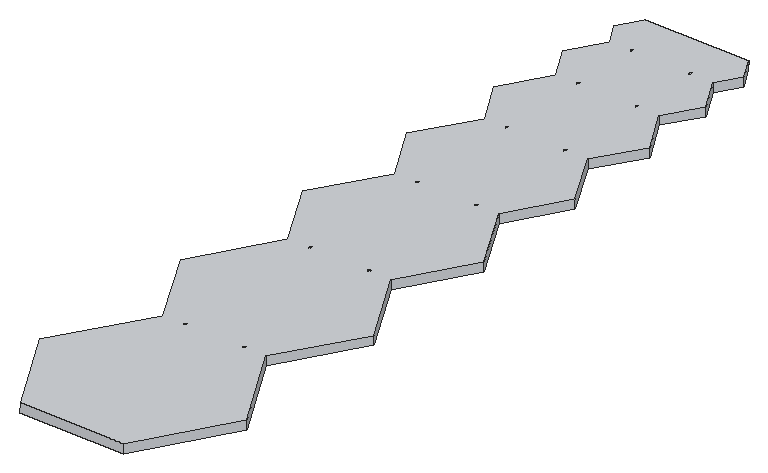
Revit family
Parameters
  larghezza 2 = 350 mm
  largh7 = 100 mm
  largh6 = 150 mm
  largh5 = 200 mm
  largh4 = 250 mm
  largh3 = 300 mm
  largh = 400 mm
  c_LEGNO = none
Reference planes
  plane 1 "Centro (Fronte/Retro)": y = 0
  plane 2: z = 0
  plane 3 "Centro (Sinistra/Destra)": x = 0
  plane 4: y = 400
  plane 5: y = -400
  plane 6: x = -231.131
  plane 7: x = 230.84
  plane 8: x = -461.798
  plane 9: x = 461.846
  plane 10: z = 20
  plane 11: z = 820
  plane 12: y = 1100
  plane 13: y = 750
  plane 14: y = 1400
  plane 15: y = 1700
  plane 16: y = 1950
  plane 17: y = 2200
  plane 18: x = 0
  plane 19: y = 2400
  plane 20: y = 2600
  plane 21: y = 2750
  plane 22: y = 2900
  plane 23: y = 3000
  plane 24: y = 3100
  plane 25: x = -131.131
  plane 26: x = 131.131
Forms (mm)
  Blend 1, solid, material <- "c_LEGNO"
    base sketch origin (0, 0, 0) x (1, 0, 0) y (0, 1, 0)
      loop
        line (230.84, -400) -> (461.846, 0) -> (230.84, 400) -> (432.873, 750) -> (230.84, 1100) -> (404.071, 1400) -> (230.84, 1700) -> (375.178, 1950) -> (230.84, 2200) -> (348.266, 2400) -> (230.84, 2600) -> (319.151, 2750) -> (230.84, 2900) -> (289.885, 3000) -> (230.84, 3100) -> (-231.131, 3100) -> (-291.654, 3000) -> (-231.131, 2900) -> (-320.582, 2750) -> (-231.131, 2600) -> (-349.502, 2400) -> (-231.131, 2200) -> (-377.821, 1950) -> (-231.131, 1700) -> (-405.856, 1400) -> (-231.131, 1100) -> (-432.658, 750) -> (-231.131, 400) -> (-461.798, 0) -> (-231.131, -400) -> (230.84, -400)
    top sketch origin (0, 0, 0) x (1, 0, 0) y (0, 1, 0)
      loop
        line (-231.131, -400) -> (230.84, -400) -> (461.846, 0) -> (230.84, 400) -> (432.873, 750) -> (230.84, 1100) -> (404.071, 1400) -> (230.84, 1700) -> (375.178, 1950) -> (230.84, 2200) -> (348.266, 2400) -> (230.84, 2600) -> (319.151, 2750) -> (230.84, 2900) -> (289.885, 3000) -> (230.84, 3100) -> (-231.131, 3100) -> (-291.654, 3000) -> (-231.131, 2900) -> (-320.582, 2750) -> (-231.131, 2600) -> (-349.502, 2400) -> (-231.131, 2200) -> (-377.821, 1950) -> (-231.131, 1700) -> (-405.856, 1400) -> (-231.131, 1100) -> (-432.658, 750) -> (-231.131, 400) -> (-461.798, 0) -> (-231.131, -400)
    from 0 to 40
  Extrusion 2, void
    sketch origin (0, 0, 0) x (1, 0, 0) y (0, 1, 0)
      loop
        circle (-131.131, 1100) r 5
      loop
        circle (131.131, 1100) r 5
    from 0 to 40
  Extrusion 3, void
    sketch origin (0, 0, 0) x (1, 0, 0) y (0, 1, 0)
      loop
        circle (-131.131, 400) r 5
      loop
        circle (131.131, 400) r 5
    from 0 to 40
  Extrusion 4, void
    sketch origin (0, 0, 0) x (1, 0, 0) y (0, 1, 0)
      loop
        circle (-131.131, 1700) r 5
      loop
        circle (131.131, 1700) r 5
    from 0 to 40
  Extrusion 5, void
    sketch origin (0, 0, 0) x (1, 0, 0) y (0, 1, 0)
      loop
        circle (-131.131, 2200) r 5
      loop
        circle (131.131, 2200) r 5
    from 0 to 40
  Extrusion 6, void
    sketch origin (0, 0, 0) x (1, 0, 0) y (0, 1, 0)
      loop
        circle (-131.131, 2600) r 5
      loop
        circle (131.131, 2600) r 5
    from 0 to 40
  Extrusion 7, void
    sketch origin (0, 0, 0) x (1, 0, 0) y (0, 1, 0)
      loop
        circle (-131.131, 2900) r 5
      loop
        circle (131.131, 2900) r 5
    from 0 to 40
Cuts and joins
  Extrusion 2, Extrusion 3, Extrusion 4, Extrusion 5, Extrusion 6, Extrusion 7 cuts Blend 1
Dimensions and locks
  equal spacing: plane 4, plane 1 "Centro (Fronte/Retro)", plane 5
  "largh": plane 1 "Centro (Fronte/Retro)" to plane 5
  plane 6 to plane 7 = 461.971 mm
  plane 8 to plane 9 = 923.644 mm
  equal spacing: plane 12, plane 13, plane 4
  "larghezza 2": plane 13 to plane 4
  equal spacing: plane 15, plane 14, plane 12
  "largh3": plane 14 to plane 12
  plane 4 to plane 5 = 800 mm
  plane 12 to plane 4 = 700 mm
  plane 15 to plane 12 = 600 mm
  equal spacing: plane 17, plane 16, plane 15
  "largh4": plane 16 to plane 15
  equal spacing: plane 20, plane 19, plane 17
  "largh5": plane 19 to plane 17
  equal spacing: plane 22, plane 21, plane 20
  "largh6": plane 21 to plane 20
  equal spacing: plane 24, plane 23, plane 22
  "largh7": plane 23 to plane 22
  plane 24 to plane 5 = 3500 mm
  equal spacing: plane 25, plane 3 "Centro (Sinistra/Destra)", plane 26
Automatic sketch dimensions
  Blend 1 sketch curve to plane 6 = 0 mm  (x16)
  Blend 1 sketch curve to plane 4 = 0 mm  (x4)
  Blend 1 sketch curve to plane 5 = 0 mm  (x2)
  Blend 1 sketch curve to plane 7 = 0 mm  (x16)
  Blend 1 sketch curve to plane 16 = 0 mm  (x3)
  Blend 1 sketch curve to plane 14 = 0 mm  (x3)
  Blend 1 sketch curve to plane 13 = 0 mm  (x3)
  Blend 1 sketch curve to plane 1 "Centro (Fronte/Retro)" = 0 mm  (x4)
  Blend 1 sketch curve to plane 9 = 0 mm  (x2)
  Blend 1 sketch curve to plane 12 = 0 mm  (x4)
  Blend 1 sketch curve to plane 15 = 0 mm  (x4)
  Blend 1 sketch curve to plane 17 = 0 mm  (x4)
  Blend 1 sketch curve to plane 20 = 0 mm  (x4)
  Blend 1 sketch curve to plane 22 = 0 mm  (x4)
  Blend 1 sketch curve to plane 24 = 0 mm  (x2)
  plane 23 to Blend 1 sketch curve = 0 mm
  plane 6 to Blend 1 sketch curve = 60.523 mm  (x2)
  Blend 1 sketch curve to plane 21 = 0 mm  (x4)
  plane 6 to Blend 1 sketch curve = 89.452 mm  (x2)
  Blend 1 sketch curve to plane 19 = 0 mm  (x3)
  Blend 1 sketch curve to plane 8 = 112.296 mm  (x2)
  plane 16 to Blend 1 sketch curve = 0 mm
  Blend 1 sketch curve to plane 8 = 83.977 mm  (x2)
  plane 14 to Blend 1 sketch curve = 0 mm
  Blend 1 sketch curve to plane 8 = 55.942 mm  (x2)
  plane 13 to Blend 1 sketch curve = 0 mm
  Blend 1 sketch curve to plane 8 = 29.139 mm  (x2)
  plane 8 to Blend 1 sketch curve = 0 mm
  Blend 1 sketch curve to plane 23 = 0 mm  (x3)
  Blend 1 sketch curve to plane 7 = 59.045 mm  (x2)
  Blend 1 sketch curve to plane 7 = 88.31 mm  (x2)
  plane 19 to Blend 1 sketch curve = 0 mm
  plane 9 to Blend 1 sketch curve = 113.58 mm  (x2)
  plane 9 to Blend 1 sketch curve = 86.668 mm  (x2)
  plane 9 to Blend 1 sketch curve = 57.775 mm  (x2)
  plane 9 to Blend 1 sketch curve = 28.973 mm  (x2)
  Blend 1 sketch curve to plane 8 = 0 mm
  Extrusion 2 sketch curve to plane 12 = 0 mm  (x2)
  Extrusion 2 sketch curve to plane 25 = 0 mm
  Extrusion 2 sketch curve to plane 26 = 0 mm
  Extrusion 3 sketch curve to plane 4 = 0 mm  (x2)
  Extrusion 3 sketch curve to plane 25 = 0 mm
  Extrusion 3 sketch curve to plane 26 = 0 mm
  Extrusion 4 sketch curve to plane 15 = 0 mm  (x2)
  Extrusion 4 sketch curve to plane 25 = 0 mm
  Extrusion 4 sketch curve to plane 26 = 0 mm
  Extrusion 5 sketch curve to plane 17 = 0 mm  (x2)
  Extrusion 5 sketch curve to plane 25 = 0 mm
  Extrusion 5 sketch curve to plane 26 = 0 mm
  Extrusion 6 sketch curve to plane 20 = 0 mm  (x2)
  Extrusion 6 sketch curve to plane 25 = 0 mm
  Extrusion 6 sketch curve to plane 26 = 0 mm
  Extrusion 7 sketch curve to plane 22 = 0 mm  (x2)
  Extrusion 7 sketch curve to plane 25 = 0 mm
  Extrusion 7 sketch curve to plane 26 = 0 mm
  radius of Extrusion 2 sketch curve = 5 mm  (x2)
  radius of Extrusion 3 sketch curve = 5 mm  (x2)
  radius of Extrusion 4 sketch curve = 5 mm  (x2)
  radius of Extrusion 5 sketch curve = 5 mm  (x2)
  radius of Extrusion 6 sketch curve = 5 mm  (x2)
  radius of Extrusion 7 sketch curve = 5 mm  (x2)
